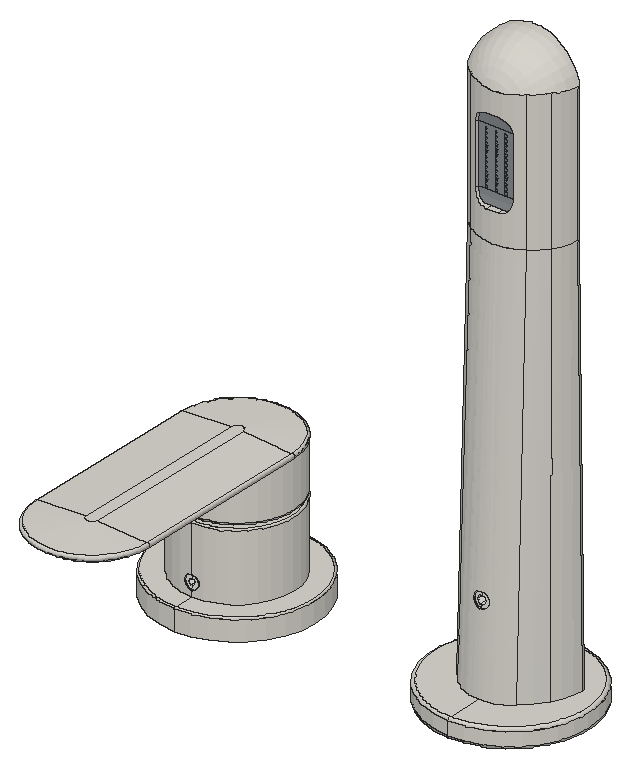
Revit family "Faucet-Wall_Mount-Lavatory-KALLISTA-002-P34124", category Plumbing Fixtures, host Face, Revit 2021
Family settings
  Host = Face
  Round Connector Dimension = Use Diameter
  Part Type = Normal
  OmniClass Number = 23.31.11.00
  OmniClass Title = Faucets
  Cut with Voids When Loaded = No
  Shared = No
  Room Calculation Point = No
Parameters (values of type "SN-Polished Nickel")
  Width [instance] = 4"
  WaterSense Certified = 1 = 0  # no
  Waste Water Outlet = "Waste Water Outlet"  # constant formula
  Waste Connection = 1 = 0  # no
  Vent Connection = 1 = 0  # no
  URL = "https://www.kallista.com/"
  Type = 5
  Spout Reach = 7.18504"  # constant formula
  Product Page URL = "https://www.kallista.com/products/luxury-bathroom/faucets/sink-faucets/002-wall-mount-single-control-faucet-lever-handle-p34124-00/sn-polished-nickel"
  Product Name = "002"  # constant formula
  Product Documentation Link = "https://resources.kohler.com/interiors/kallista/pdf/P34124-00_spec_US-CA_Kallista_en.pdf"
  Pressure = 0.00 psi
  Model = if(Type = 1, "P34124-00-BAF", if(Type = 2, "P34124-00-BL", if(Type = 3, "P34124-00-BN", if(Type = 4, "P34124-00-CP", if(Type = 5, "P34124-00-SN", if(Type = 6, "P34124-00-2MB", "NA"))))))  # "P34124-00-SN"
  Material = "Premium Metal Construction\r\n"  # constant formula
  Master Format 2014 Name = "Residential Faucets, Supplies, and Trim"  # constant formula
  Master Format 2014 = "22 41 39"  # constant formula
  Manufacturer Address = "444 Highland Dr, Kohler, WI 53044"  # constant formula
  Manufacturer = "Kallista Co."  # constant formula
  Length = Spout Reach  # 7.18504"
  Hot Water Inlet = "Hot Water Inlet"  # constant formula
  Height = 2.28346"  # constant formula
  Handle Clearance = 3.47244"  # constant formula
  HW Connection = 1 = 1  # yes
  Flow Rate = 1.2 GPM  # constant formula
  Finish = Kallista-Metal-SN-Polished_Nickel
  Environmental Product Declaration = ""
  Drain Included = 1 = 1  # yes
  Description = "Capsule Wall Mount Sink Faucet Single Control"  # constant formula
  Default Elevation = 36"
  Declare Label = ""
  Date Modified = "12/31/2024"  # constant formula
  Date Created = "11/29/2023"  # constant formula
  Copyright = "Copyright Kallista Co."  # constant formula
  Contact Us = "https://www.kallista.com/corporate/contact-us/"
  Cold Water Inlet = "Cold Water Inlet"  # constant formula
  CW Connection = 1 = 1  # yes
  Assembly Code = "D2010"
  ADA Compliant = 1 = 0  # no
Types (7): name | Type | Product Page URL | Model | Finish
  (no name) | 5 | "https://www.kallista.com/products/luxury-bathroom/faucets/sink-faucets/002-wall-mount-single-control-faucet-lever-handle-p34124-00/sn-polished-nickel" | "P34124-00-SN" | Kallista-Metal-SN-Polished_Nickel
  BAF-Brushed French Gold | 1 | "https://www.kallista.com/products/luxury-bathroom/faucets/sink-faucets/002-wall-mount-single-control-faucet-lever-handle-p34124-00/baf-brushed-french-gold" | "P34124-00-BAF" | Kallista-Metal-BAF-Brushed_French_Gold
  BN-Brushed Nickel | 3 | "https://www.kallista.com/products/luxury-bathroom/faucets/sink-faucets/002-wall-mount-single-control-faucet-lever-handle-p34124-00/bn-brushed-nickel" | "P34124-00-BN" | Kallista-Metal-BN-Brushed_Nickel
  BL-Matte Black | 2 | "https://www.kallista.com/products/luxury-bathroom/faucets/sink-faucets/002-wall-mount-single-control-faucet-lever-handle-p34124-00/bl-matte-black" | "P34124-00-BL" | Kalista-Metal-BL-Matte_Black
  SN-Polished Nickel | 5 | "https://www.kallista.com/products/luxury-bathroom/faucets/sink-faucets/002-wall-mount-single-control-faucet-lever-handle-p34124-00/sn-polished-nickel" | "P34124-00-SN" | Kallista-Metal-SN-Polished_Nickel
  CP-Chrome | 4 | "https://www.kallista.com/products/luxury-bathroom/faucets/sink-faucets/002-wall-mount-single-control-faucet-lever-handle-p34124-00/cp-chrome" | "P34124-00-CP" | Kallista-Metal-CP-Chrome
  2MB-Brushed Brass | 6 | "" | "P34124-00-2MB" | Kallista-Metal-2MB-Brushed_Brass
Reference planes (in)
  plane 1 "Center (Front/Back)": y = 0
  plane 2: z = 0
  plane 3 "Center (Left/Right)": x = 0
  plane 4: x = -4
  plane 5: x = -5.14173
  plane 6: x = -2.85827
  plane 7: y = 1.14173
  plane 8: y = -1.14173
  plane 9: y = -3.47244
  plane 10: y = -0.29528
  plane 11: y = 0.82677
  plane 12: y = -0.82677
  plane 13: z = 2.14173
  plane 14: z = 1.75591
  plane 15: z = 0.31496
  plane 16: z = 8.67064
  plane 17: z = 7.18504
  plane 18: z = 0.27559
  plane 19: x = -3.17323
  plane 20: x = -4.82677
  plane 21: x = -1.14173
  plane 22: x = 1.14173
Dimensions and locks (in)
  "Handle Clearance": plane 1 "Center (Front/Back)" to plane 9
  "Length": plane 17 to level
  "Height": plane 7 to plane 8
  plane 2 to plane 16 = 8.67064"
  plane 2 to plane 13 = 2.14173"
  plane 2 to plane 18 = 0.27559"
  plane 2 to plane 15 = 0.31496"
  plane 20 to plane 19 = 1.65354"
  plane 5 to plane 6 = 2.28346"
  locked: plane 5 to plane 4 at 1.14173
  locked: plane 4 to plane 6 at 1.14173
  locked: plane 20 to plane 4 at 0.82677
  locked: plane 4 to plane 19 at 0.82677
  plane 9 to plane 7 = 4.61417"
  plane 1 "Center (Front/Back)" to plane 10 = 0.29528"
  plane 13 to level = 2.14173"
  plane 14 to level = 1.75591"
  "Width": plane 4 to plane 3 "Center (Left/Right)"
  plane 7 to plane 8 = 2.28346"
  plane 5 to plane 22 = 6.28346"
  locked: plane 21 to plane 22 at 2.28346
  locked: plane 21 to plane 3 "Center (Left/Right)" at 1.14173
  aligned and locked: plane 2 to host face
  aligned and locked: level to host face
  aligned and locked: plane 1 "Center (Front/Back)" to nested 1
  aligned and locked: nested 2 to plane 4
  aligned and locked: plane 1 "Center (Front/Back)" to nested 2
  aligned and locked: plane 6 to nested 2
  aligned and locked: plane 5 to nested 2
  aligned and locked: plane 12 to nested 2
  aligned and locked: plane 9 to nested 2
  aligned and locked: plane 7 to nested 1
  aligned and locked: plane 8 to nested 1
  aligned and locked: plane 10 to nested 1
  aligned and locked: plane 13 to nested 2
  aligned and locked: plane 14 to nested 2
  aligned and locked: plane 15 to nested 2
  aligned and locked: plane 11 to nested 2
  aligned and locked: plane 19 to nested 2
  aligned and locked: plane 20 to nested 2
  aligned and locked: plane 3 "Center (Left/Right)" to nested 1
Automatic sketch dimensions
  host sketch curve to host sketch curve = 96"  (x2)
Nested families (in)
  nested 1: "P34124_Spout" at (0, 0, 0), type "P34124_Spout"
  nested 2: "P34124_Handle" at (-4, 0, 0), type "P34124_Handle"
Connectors (in)
  piping at (-4.62003, 0, 0), diameter 0.5, driven by "Flow Rate", driven by "HW Connection", driven by "Hot Water Inlet"
    settings: on nested 2, index 1, connector inside diameter 24", connector length 0", flow factor 0, pipe flow 1.2 GPM, pressure drop 0.00 psi, fitting loss kfactor 0, connector angle 0.00°, fixture units 0, engagement length 0", angle of deflection 0.00°, flow configuration 1, flow direction 1, fitting loss method 0, system type 19, joint type 0, gender type 0, connector reference index -1, connector utility 1, adjustable connector no, is connector primary yes, connector description "Hot Water Inlet"
  piping at (-3.37997, 0, 0), diameter 0.5, driven by "Flow Rate", driven by "CW Connection", driven by "Cold Water Inlet"
    settings: on nested 2, index 2, connector inside diameter 24", connector length 0", flow factor 0, pipe flow 1.2 GPM, pressure drop 0.00 psi, fitting loss kfactor 0, connector angle 0.00°, fixture units 0, engagement length 0", angle of deflection 0.00°, flow configuration 1, flow direction 1, fitting loss method 0, system type 20, joint type 0, gender type 0, connector reference index -1, connector utility 1, adjustable connector no, is connector primary no, connector description "Cold Water Inlet"
Definition of nested family "P34124_Spout"
  Parameters
    Material = none
    Default Elevation = 0"
  Reference planes (in)
    plane 1 "Center (Front/Back)": y = 0
    plane 2: z = 0
    plane 3 "Center (Left/Right)": x = 0
    plane 4: x = -1.14173
    plane 5: x = 1.14173
    plane 6: y = 1.14173
    plane 7: y = -1.14173
    plane 8: z = 8.67064
    plane 9: z = 0.27559
    plane 10: z = 7.18504
    plane 11: y = -0.29528
  Forms (in)
    Blend 1, solid, material <- "Material", detail levels medium+fine
      base sketch origin (0, 0, 0) x (1, 0, 0) y (0, 1, 0)
        loop
          arc (-0.77791, 0.35377) -> (-0.79952, 0.33955) -> (-0.80746, 0.31492) r 0.03896
          arc (-0.80746, 0.31492) -> (-0.77246, 0.08464) -> (-0.68191, -0.12997) r 0.93998
          arc (-0.68191, -0.12997) -> (-0.57, -0.29195) -> (-0.43339, -0.43373) r 1.21506
          arc (-0.43339, -0.43373) -> (0, -0.59757) -> (0.43339, -0.43373) r 0.65512
          arc (0.43339, -0.43373) -> (0.57, -0.29195) -> (0.68191, -0.12997) r 1.21506
          arc (0.68191, -0.12997) -> (0.77235, 0.08423) -> (0.80744, 0.31407) r 0.93998
          arc (0.80744, 0.31407) -> (0.79952, 0.33871) -> (0.77792, 0.35295) r 0.03898
          arc (0.77792, 0.35295) -> (0.00005, 0.44878) -> (-0.77791, 0.35377) r 3.21885
      top sketch origin (0, 0, 0) x (1, 0, 0) y (0, 1, 0)
        loop
          arc (-0.61166, -0.01064) -> (-0.52145, -0.12588) -> (-0.40985, -0.22055) r 0.72211
          arc (-0.40985, -0.22055) -> (0, -0.3478) -> (0.40985, -0.22055) r 0.72369
          arc (0.40985, -0.22055) -> (0.52145, -0.12588) -> (0.61166, -0.01064) r 0.72211
          arc (0.61166, -0.01064) -> (0.68757, 0.15439) -> (0.71792, 0.3335) r 0.69203
          arc (0.71792, 0.3335) -> (0.7096, 0.359) -> (0.68677, 0.37309) r 0.03897
          arc (0.68677, 0.37309) -> (0, 0.44256) -> (-0.68677, 0.37309) r 3.43057
          arc (-0.68677, 0.37309) -> (-0.7096, 0.359) -> (-0.71792, 0.3335) r 0.03897
          arc (-0.71792, 0.3335) -> (-0.68757, 0.15439) -> (-0.61166, -0.01064) r 0.69203
      from 0 to 6.13419
    Sweep 2, solid, material <- "Material", detail levels medium+fine
      path origin (0, 0, 0) x (0, 1, 0) y (0, 0, 1)
        loop
          line (0.44256, 6.13419) -> (0.44256, 8.8901)
      profile origin (0, 0.44256, 7.51214) x (0, -1, 0) y (1, 0, 0)
        loop
          arc (0.45321, 0.61166) -> (0.28817, 0.68757) -> (0.10907, 0.71792) r 0.69203
          arc (0.10907, 0.71792) -> (0.08356, 0.7096) -> (0.06947, 0.68677) r 0.03897
          arc (0.06947, 0.68677) -> (0, 0) -> (0.06947, -0.68677) r 3.43057
          arc (0.06947, -0.68677) -> (0.08356, -0.7096) -> (0.10907, -0.71792) r 0.03897
          arc (0.10907, -0.71792) -> (0.28817, -0.68757) -> (0.45321, -0.61166) r 0.69203
          arc (0.45321, -0.61166) -> (0.56844, -0.52145) -> (0.66312, -0.40985) r 0.72211
          arc (0.66312, -0.40985) -> (0.79036, 0) -> (0.66312, 0.40985) r 0.72369
          arc (0.66312, 0.40985) -> (0.56844, 0.52145) -> (0.45321, 0.61166) r 0.72211
    Sweep 3, void
      path origin (0, 0, -0.02461) x (1, 0, 0) y (0, 0, 1)
        loop
          arc (0.7468, 7.95283) -> (-0.00124, 8.70086) -> (-0.74927, 7.95283) r 0.74803
      profile origin (-0.00124, 0, 8.67625) x (0, 0, -1) y (0, -1, 0)
        loop
          arc (0.01906, -0.49341) -> (0.14964, 0.09951) -> (0.69597, 0.36432) r 0.69597
          line (0.69597, 0.36432) -> (0.69597, 0.65945) -> (-0.56739, 0.65945) -> (-0.56739, -0.49341) -> (0.01906, -0.49341)
    Revolve 4, solid, material <- "Material", detail levels medium+fine
      sketch origin (0, 0, 0) x (0, 1, 0) y (0, 0, 1)
        loop
          line (0, 0) -> (1.10444, 0)
          arc (1.10444, 0) -> (1.13081, 0.01092) -> (1.14173, 0.03729) r 0.03729
          line (1.14173, 0.03729) -> (1.14173, 0.23463)
          arc (1.14173, 0.23463) -> (1.12974, 0.26359) -> (1.10077, 0.27559) r 0.04096
          line (1.10077, 0.27559) -> (0, 0.27559) -> (0, 0)
        axis (0, 0) -> (0, 0.27559)
      angle from 0 to 360
    Revolve 5, void
      sketch origin (0, 0, 0) x (0, 1, 0) y (0, 0, 1)
        loop
          line (-0.25396, 1.54626) -> (-0.25396, 1.66154) -> (-0.62222, 1.66154) -> (-0.62222, 1.54626) -> (-0.25396, 1.54626)
        axis (-0.25396, 1.54626) -> (-0.62222, 1.54626)
      angle from 0 to 360
    Revolve 6, solid, detail levels medium+fine
      sketch origin (0, 0, 0) x (0, 1, 0) y (0, 0, 1)
        loop
          line (-0.26709, 1.65545) -> (-0.52116, 1.65545) -> (-0.52116, 1.54849) -> (-0.26709, 1.54849) -> (-0.26709, 1.65545)
        axis (-0.26709, 1.54849) -> (-0.52116, 1.54849)
      angle from 0 to 360
    Extrusion 7, void
      sketch origin (0, -0.08176, -0.02695) x (1, 0, 0) y (0, 0.052336, 0.99863)
        loop
          line (-0.03439, 1.60625) -> (-0.06825, 1.5476) -> (-0.03439, 1.48896) -> (0.03332, 1.48896) -> (0.06718, 1.5476) -> (0.03332, 1.60625) -> (-0.03439, 1.60625)
      from 0.30046 to 0.6929
    Extrusion 8, void
      sketch origin (0, 0, 0) x (1, 0, 0) y (0, 0, 1)
        loop
          line (-0.28038, 7.6149) -> (-0.28038, 6.75476)
          arc (-0.28038, 6.75476) -> (-0.22281, 6.6158) -> (-0.08385, 6.55823) r 0.19653
          line (-0.08385, 6.55823) -> (0.08127, 6.55823)
          arc (0.08127, 6.55823) -> (0.21911, 6.61533) -> (0.27621, 6.75317) r 0.19494
          line (0.27621, 6.75317) -> (0.27621, 7.62026)
          arc (0.27621, 7.62026) -> (0.21957, 7.757) -> (0.08283, 7.81365) r 0.19338
          line (0.08283, 7.81365) -> (-0.08163, 7.81365)
          arc (-0.08163, 7.81365) -> (-0.22217, 7.75544) -> (-0.28038, 7.6149) r 0.19874
      from 0 to 0.70867
    Extrusion 9, solid, detail levels medium+fine
      sketch origin (0, 0, 0) x (1, 0, 0) y (0, 0, 1)
        loop
          arc (-0.11579, 7.78984) -> (-0.22335, 7.74528) -> (-0.2679, 7.63772) r 0.15211
          line (-0.2679, 7.63772) -> (-0.2679, 6.73599)
          arc (-0.2679, 6.73599) -> (-0.22295, 6.62746) -> (-0.11442, 6.5825) r 0.15348
          line (-0.11442, 6.5825) -> (0.11442, 6.5825)
          arc (0.11442, 6.5825) -> (0.22295, 6.62746) -> (0.2679, 6.73599) r 0.15348
          line (0.2679, 6.73599) -> (0.2679, 7.63772)
          arc (0.2679, 7.63772) -> (0.22335, 7.74528) -> (0.11579, 7.78984) r 0.15211
          line (0.11579, 7.78984) -> (-0.11579, 7.78984)
      from 0 to 0.52116
    Extrusion 10, void
      sketch origin (0, 0, 0) x (0, 1, 0) y (0, 0, 1)
        loop
          line (-0.25014, 6.75744) -> (-0.25014, 7.6149)
          arc (-0.25014, 7.6149) -> (-0.34945, 7.90421) -> (-0.60549, 8.07155) r 0.47109
          line (-0.60549, 8.07155) -> (-0.60549, 6.30079)
          arc (-0.60549, 6.30079) -> (-0.34945, 6.46813) -> (-0.25014, 6.75744) r 0.47109
      from -1.04991 to 1.33856
    Extrusion 11, void
      sketch origin (0.0123, 5.27483, 12.5197) x (1, 0, 0) y (0, 0, 1)
        loop
          line (-0.18118, -4.95414) -> (-0.18118, -5.00169) -> (-0.14232, -5.00169) -> (-0.14232, -4.95414) -> (-0.18118, -4.95414)
        loop
          line (-0.18118, -5.01713) -> (-0.18118, -5.06468) -> (-0.14232, -5.06468) -> (-0.14232, -5.01713) -> (-0.18118, -5.01713)
        loop
          line (-0.18118, -5.08051) -> (-0.18118, -5.12807) -> (-0.14232, -5.12807) -> (-0.14232, -5.08051) -> (-0.18118, -5.08051)
        loop
          line (-0.18118, -5.1439) -> (-0.18118, -5.19146) -> (-0.14232, -5.19146) -> (-0.14232, -5.1439) -> (-0.18118, -5.1439)
        loop
          line (-0.18118, -5.20729) -> (-0.18118, -5.25484) -> (-0.14232, -5.25484) -> (-0.14232, -5.20729) -> (-0.18118, -5.20729)
        loop
          line (-0.18118, -5.27067) -> (-0.18118, -5.31823) -> (-0.14232, -5.31823) -> (-0.14232, -5.27067) -> (-0.18118, -5.27067)
        loop
          line (-0.18118, -5.33406) -> (-0.18118, -5.38161) -> (-0.14232, -5.38161) -> (-0.14232, -5.33406) -> (-0.18118, -5.33406)
        loop
          line (-0.18118, -5.39744) -> (-0.18118, -5.445) -> (-0.14232, -5.445) -> (-0.14232, -5.39744) -> (-0.18118, -5.39744)
        loop
          line (-0.18118, -5.46083) -> (-0.18118, -5.50839) -> (-0.14232, -5.50839) -> (-0.14232, -5.46083) -> (-0.18118, -5.46083)
        loop
          line (-0.18118, -5.52421) -> (-0.18118, -5.57177) -> (-0.14232, -5.57177) -> (-0.14232, -5.52421) -> (-0.18118, -5.52421)
        loop
          line (-0.18118, -5.5876) -> (-0.18118, -5.63516) -> (-0.14232, -5.63516) -> (-0.14232, -5.5876) -> (-0.18118, -5.5876)
        loop
          line (-0.18118, -5.65099) -> (-0.18118, -5.69854) -> (-0.14232, -5.69854) -> (-0.14232, -5.65099) -> (-0.18118, -5.65099)
        loop
          line (-0.18118, -5.71437) -> (-0.18118, -5.76193) -> (-0.14232, -5.76193) -> (-0.14232, -5.71437) -> (-0.18118, -5.71437)
        loop
          line (0.00443, -4.95414) -> (-0.03443, -4.95414) -> (-0.03443, -5.00169) -> (0.00443, -5.00169) -> (0.00443, -4.95414)
        loop
          line (0.00443, -5.01713) -> (-0.03443, -5.01713) -> (-0.03443, -5.06468) -> (0.00443, -5.06468) -> (0.00443, -5.01713)
        loop
          line (0.00443, -5.08051) -> (-0.03443, -5.08051) -> (-0.03443, -5.12807) -> (0.00443, -5.12807) -> (0.00443, -5.08051)
        loop
          line (0.00443, -5.1439) -> (-0.03443, -5.1439) -> (-0.03443, -5.19146) -> (0.00443, -5.19146) -> (0.00443, -5.1439)
        loop
          line (0.00443, -5.20729) -> (-0.03443, -5.20729) -> (-0.03443, -5.25484) -> (0.00443, -5.25484) -> (0.00443, -5.20729)
        loop
          line (0.00443, -5.27067) -> (-0.03443, -5.27067) -> (-0.03443, -5.31823) -> (0.00443, -5.31823) -> (0.00443, -5.27067)
        loop
          line (0.00443, -5.33406) -> (-0.03443, -5.33406) -> (-0.03443, -5.38161) -> (0.00443, -5.38161) -> (0.00443, -5.33406)
        loop
          line (0.00443, -5.39744) -> (-0.03443, -5.39744) -> (-0.03443, -5.445) -> (0.00443, -5.445) -> (0.00443, -5.39744)
        loop
          line (0.00443, -5.46083) -> (-0.03443, -5.46083) -> (-0.03443, -5.50839) -> (0.00443, -5.50839) -> (0.00443, -5.46083)
        loop
          line (0.00443, -5.52421) -> (-0.03443, -5.52421) -> (-0.03443, -5.57177) -> (0.00443, -5.57177) -> (0.00443, -5.52421)
        loop
          line (0.00443, -5.5876) -> (-0.03443, -5.5876) -> (-0.03443, -5.63516) -> (0.00443, -5.63516) -> (0.00443, -5.5876)
        loop
          line (0.00443, -5.65099) -> (-0.03443, -5.65099) -> (-0.03443, -5.69854) -> (0.00443, -5.69854) -> (0.00443, -5.65099)
        loop
          line (0.00443, -5.71437) -> (-0.03443, -5.71437) -> (-0.03443, -5.76193) -> (0.00443, -5.76193) -> (0.00443, -5.71437)
        loop
          line (0.10062, -4.95414) -> (0.10062, -5.00169) -> (0.13947, -5.00169) -> (0.13947, -4.95414) -> (0.10062, -4.95414)
        loop
          line (0.10062, -5.01713) -> (0.10062, -5.06468) -> (0.13947, -5.06468) -> (0.13947, -5.01713) -> (0.10062, -5.01713)
        loop
          line (0.10062, -5.08051) -> (0.10062, -5.12807) -> (0.13947, -5.12807) -> (0.13947, -5.08051) -> (0.10062, -5.08051)
        loop
          line (0.10062, -5.1439) -> (0.10062, -5.19146) -> (0.13947, -5.19146) -> (0.13947, -5.1439) -> (0.10062, -5.1439)
        loop
          line (0.10062, -5.20729) -> (0.10062, -5.25484) -> (0.13947, -5.25484) -> (0.13947, -5.20729) -> (0.10062, -5.20729)
        loop
          line (0.10062, -5.27067) -> (0.10062, -5.31823) -> (0.13947, -5.31823) -> (0.13947, -5.27067) -> (0.10062, -5.27067)
        loop
          line (0.10062, -5.33406) -> (0.10062, -5.38161) -> (0.13947, -5.38161) -> (0.13947, -5.33406) -> (0.10062, -5.33406)
        loop
          line (0.10062, -5.39744) -> (0.10062, -5.445) -> (0.13947, -5.445) -> (0.13947, -5.39744) -> (0.10062, -5.39744)
        loop
          line (0.10062, -5.46083) -> (0.10062, -5.50839) -> (0.13947, -5.50839) -> (0.13947, -5.46083) -> (0.10062, -5.46083)
        loop
          line (0.10062, -5.52421) -> (0.10062, -5.57177) -> (0.13947, -5.57177) -> (0.13947, -5.52421) -> (0.10062, -5.52421)
        loop
          line (0.10062, -5.5876) -> (0.10062, -5.63516) -> (0.13947, -5.63516) -> (0.13947, -5.5876) -> (0.10062, -5.5876)
        loop
          line (0.10062, -5.65099) -> (0.10062, -5.69854) -> (0.13947, -5.69854) -> (0.13947, -5.65099) -> (0.10062, -5.65099)
        loop
          line (0.10062, -5.71437) -> (0.10062, -5.76193) -> (0.13947, -5.76193) -> (0.13947, -5.71437) -> (0.10062, -5.71437)
      from 5.16363 to 7.18576
    Extrusion 12, solid, material <- "Material", detail levels coarse
      sketch origin (0, 0.04968, 0) x (1, 0, 0) y (0, 0, 1)
        loop
          line (0.80342, 0.27559) -> (0.72035, 7.97029)
          arc (0.72035, 7.97029) -> (0.00001, 8.68289) -> (-0.72032, 7.97029) r 0.72038
          line (-0.72032, 7.97029) -> (-0.80344, 0.27559) -> (0.80342, 0.27559)
      from -0.39459 to 0.63603
    Revolve 13, solid, material <- "Material", detail levels coarse
      sketch origin (0, 0, 0) x (0, 1, 0) y (0, 0, 1)
        loop
          line (0, 0) -> (1.14173, 0) -> (1.14173, 0.27559) -> (0, 0.27559) -> (0, 0)
        axis (0, 0) -> (0, 0.27559)
      angle from 0 to 360
  Cuts and joins
    Sweep 3, Extrusion 8 cuts Sweep 2
    Revolve 5, Extrusion 7 cuts Blend 1
    joined: Blend 1, Revolve 4
    Extrusion 7 cuts Revolve 6
    Extrusion 10, Extrusion 11 cuts Extrusion 9
    joined: Extrusion 12, Revolve 13
  Lines and regions (in)
    Masking region 1
      outline origin (0, 0, 0) x (1, 0, 0) y (0, 1, 0)
        loop
          arc (-0.43305, 1.05642) -> (-0.82584, 0.78838) -> (-1.07537, 0.38357) r 1.14173
          arc (-1.07537, 0.38357) -> (-1.12497, 0.22497) -> (-1.14173, 0.05965) r 0.82377
          line (-1.14173, 0.05965) -> (-1.14173, 0.02815)
          arc (-1.14173, 0.02815) -> (-1.11088, -0.24936) -> (-1.01983, -0.51331) r 1.26353
          arc (-1.01983, -0.51331) -> (0.14254, -1.1328) -> (1.11521, -0.24467) r 1.14173
          arc (1.11521, -0.24467) -> (1.13705, -0.10494) -> (1.14173, 0.0364) r 1.16104
          line (1.14173, 0.0364) -> (1.14173, 0.0679)
          arc (1.14173, 0.0679) -> (1.13614, 0.14688) -> (1.11948, 0.22429) r 0.5608
          arc (1.11948, 0.22429) -> (0.88747, 0.71829) -> (0.45266, 1.04816) r 1.14173
          arc (0.45266, 1.04816) -> (0.24156, 1.11807) -> (0.02044, 1.14173) r 1.04509
          line (0.02044, 1.14173) -> (-0.01106, 1.14173)
          arc (-0.01106, 1.14173) -> (-0.22632, 1.12019) -> (-0.43305, 1.05642) r 1.08631
    Masking region 2
      outline origin (0, 0, 0) x (1, 0, 0) y (0, 0, 1)
        loop
          arc (1.10874, 0) -> (1.13207, 0.00966) -> (1.14173, 0.03299) r 0.03299
          line (1.14173, 0.03299) -> (1.14173, 0.2326)
          arc (1.14173, 0.2326) -> (1.12914, 0.263) -> (1.09874, 0.27559) r 0.04299
          line (1.09874, 0.27559) -> (0.77187, 0.27559)
          arc (0.77187, 0.27559) -> (0.7965, 0.28573) -> (0.80683, 0.31) r 0.03497
          arc (0.80683, 0.31) -> (0.80595, 0.49685) -> (0.80027, 0.68362) r 7.28056
          arc (0.80027, 0.68362) -> (0.74708, 2.34522) -> (0.73122, 4.0076) r 74.01378
          arc (0.73122, 4.0076) -> (0.72921, 5.98419) -> (0.71649, 7.96074) r 364.85863
          arc (0.71649, 7.96074) -> (0.57699, 8.37902) -> (0.21899, 8.63642) r 0.71652
          arc (0.21899, 8.63642) -> (0.12087, 8.66202) -> (0.01983, 8.67064) r 0.59681
          line (0.01983, 8.67064) -> (-0.01167, 8.67064)
          arc (-0.01167, 8.67064) -> (-0.09662, 8.66488) -> (-0.18002, 8.64773) r 0.63005
          arc (-0.18002, 8.64773) -> (-0.56473, 8.39519) -> (-0.71649, 7.96074) r 0.71652
          arc (-0.71649, 7.96074) -> (-0.72921, 5.98419) -> (-0.73122, 4.0076) r 364.85863
          arc (-0.73122, 4.0076) -> (-0.74708, 2.34522) -> (-0.80027, 0.68362) r 74.01378
          arc (-0.80027, 0.68362) -> (-0.80595, 0.49685) -> (-0.80684, 0.31028) r 7.28056
          arc (-0.80684, 0.31028) -> (-0.7965, 0.28573) -> (-0.77187, 0.27559) r 0.03497
          line (-0.77187, 0.27559) -> (-1.09874, 0.27559)
          arc (-1.09874, 0.27559) -> (-1.12914, 0.263) -> (-1.14173, 0.2326) r 0.04299
          line (-1.14173, 0.2326) -> (-1.14173, 0.03299)
          arc (-1.14173, 0.03299) -> (-1.13207, 0.00966) -> (-1.10874, 0) r 0.03299
          line (-1.10874, 0) -> (1.10874, 0)
    Masking region 3
      outline origin (0, 0, 0) x (0, 1, 0) y (0, 0, 1)
        loop
          line (-0.35072, 7.96344) -> (-0.35072, 7.85733)
          arc (-0.35072, 7.85733) -> (-0.33657, 7.82002) -> (-0.31831, 7.78454) r 0.35462
          line (-0.31831, 7.78454) -> (-0.31831, 7.70311)
          arc (-0.31831, 7.70311) -> (-0.30107, 7.63343) -> (-0.29528, 7.56189) r 0.44433
          line (-0.29528, 7.56189) -> (-0.29528, 6.80328)
          arc (-0.29528, 6.80328) -> (-0.30107, 6.73174) -> (-0.31831, 6.66206) r 0.44433
          line (-0.31831, 6.66206) -> (-0.31831, 6.58063)
          arc (-0.31831, 6.58063) -> (-0.33657, 6.54515) -> (-0.35072, 6.50784) r 0.35462
          line (-0.35072, 6.50784) -> (-0.35072, 6.40173)
          arc (-0.35072, 6.40173) -> (-0.35204, 5.98956) -> (-0.35598, 5.57742) r 64.63598
          arc (-0.35598, 5.57742) -> (-0.35932, 5.34193) -> (-0.36334, 5.10646) r 82.20036
          arc (-0.36334, 5.10646) -> (-0.36753, 4.94167) -> (-0.374, 4.77696) r 11.87676
          arc (-0.374, 4.77696) -> (-0.38941, 4.42335) -> (-0.4029, 4.06965) r 65.43397
          arc (-0.4029, 4.06965) -> (-0.42004, 3.67424) -> (-0.44342, 3.27915) r 25.0582
          arc (-0.44342, 3.27915) -> (-0.45424, 3.09479) -> (-0.46194, 2.91027) r 10.95361
          arc (-0.46194, 2.91027) -> (-0.4676, 2.77571) -> (-0.47563, 2.64128) r 7.66624
          arc (-0.47563, 2.64128) -> (-0.49076, 2.39933) -> (-0.50301, 2.15722) r 20.31281
          arc (-0.50301, 2.15722) -> (-0.51546, 1.91687) -> (-0.53138, 1.67672) r 16.67974
          arc (-0.53138, 1.67672) -> (-0.52267, 1.54568) -> (-0.5462, 1.41647) r 0.53419
          line (-0.5462, 1.41647) -> (-0.60123, 0.31496)
          arc (-0.60123, 0.31496) -> (-0.59784, 0.29368) -> (-0.58614, 0.27559) r 0.05216
          line (-0.58614, 0.27559) -> (-1.103, 0.27559)
          arc (-1.103, 0.27559) -> (-1.13039, 0.26425) -> (-1.14173, 0.23686) r 0.03873
          line (-1.14173, 0.23686) -> (-1.14173, 0.03913)
          arc (-1.14173, 0.03913) -> (-1.13027, 0.01146) -> (-1.10261, 0) r 0.03913
          line (-1.10261, 0) -> (1.10261, 0)
          arc (1.10261, 0) -> (1.13027, 0.01146) -> (1.14173, 0.03913) r 0.03913
          line (1.14173, 0.03913) -> (1.14173, 0.23686)
          arc (1.14173, 0.23686) -> (1.13039, 0.26425) -> (1.103, 0.27559) r 0.03873
          line (1.103, 0.27559) -> (0.42454, 0.27559)
          arc (0.42454, 0.27559) -> (0.43771, 0.28924) -> (0.44251, 0.30759) r 0.03748
          line (0.44251, 0.30759) -> (0.44251, 7.95057)
          arc (0.44251, 7.95057) -> (0.42554, 8.29524) -> (0.37479, 8.63659) r 3.50904
          arc (0.37479, 8.63659) -> (0.36013, 8.66104) -> (0.33329, 8.67064) r 0.04232
          line (0.33329, 8.67064) -> (0.29786, 8.67064)
          arc (0.29786, 8.67064) -> (0.22541, 8.65862) -> (0.15429, 8.64026) r 0.83278
          arc (0.15429, 8.64026) -> (-0.20771, 8.38443) -> (-0.34653, 7.96344) r 0.70774
    symbolic lines, detail levels medium+fine
      curve 1: line (-0.77143, 0, 0.27559) -> (0.77143, 0, 0.27559)
      curve 2: arc (0.77143, 0, 0.27559) -> (0.77119, 0, 0.47968) -> (0.76523, 0, 0.68368) r 7.28056
      curve 3: arc (0.76523, 0, 0.68368) -> (0.71204, 0, 2.34528) -> (0.69618, 0, 4.00766) r 74.01378
      curve 4: arc (0.69618, 0, 4.00766) -> (0.69416, 0, 5.98582) -> (0.68142, 0, 7.96394) r 364.82359
      curve 5: line (0.80684, 0, 0.31028) -> (-0.80684, 0, 0.31028)
      curve 6: arc (-0.77143, 0, 0.27559) -> (-0.77119, 0, 0.47968) -> (-0.76523, 0, 0.68368) r 7.28056
      curve 7: arc (-0.76523, 0, 0.68368) -> (-0.71204, 0, 2.34528) -> (-0.69618, 0, 4.00766) r 74.01378
      curve 8: arc (-0.69618, 0, 4.00766) -> (-0.69416, 0, 5.98582) -> (-0.68142, 0, 7.96394) r 364.82359
      curve 9: line (1.14173, 0, 0.2326) -> (-1.14173, 0, 0.2326)
      curve 10: line (-1.14173, 0, 0.03299) -> (1.14173, 0, 0.03299)
      curve 11: arc (0.68142, 0, 7.96394) -> (0, 0, 8.63915) -> (-0.68142, 0, 7.96394) r 0.68145
      curve 12: line (0.71649, 0, 7.96074) -> (-0.71649, 0, 7.96074)
      curve 13: line (0, 0.29786, 8.67064) -> (0, 0.29786, 0.27559)
      curve 14: line (0, 0.42454, 0.27559) -> (0, -0.58614, 0.27559)
      curve 15: line (0, 0.44251, 0.30759) -> (0, -0.6016, 0.30759)
      curve 16: line (0, 1.14173, 0.23686) -> (0, -1.14173, 0.23686)
      curve 17: line (0, -1.14173, 0.03913) -> (0, 1.14173, 0.03913)
      curve 18: line (0, 0.37479, 8.63659) -> (0, 0.37479, 0.27559)
      curve 19: line (0, -0.35072, 7.85733) -> (0, 0.44251, 7.85733)
      curve 20: line (0, -0.2842, 7.62267) -> (0, -0.2842, 6.74269)
      curve 21: arc (0, -0.31831, 7.78454) -> (0, -0.29282, 7.70538) -> (0, -0.2842, 7.62267) r 0.40108
      curve 22: arc (0, -0.2842, 6.74269) -> (0, -0.29282, 6.65988) -> (0, -0.31831, 6.58063) r 0.40195
      curve 23: circle (0, 0, 0) r 1.10127 normal (0, 0, 1)
      curve 24: arc (-0.77791, 0.35377, 0) -> (-0.74382, 0.36204, 0) -> (-0.70964, 0.36995, 0) r 3.21885
      curve 25: arc (-0.68191, -0.12997, 0) -> (-0.57, -0.29195, 0) -> (-0.43339, -0.43373, 0) r 1.21506
      curve 26: arc (-0.68191, -0.12997, 0) -> (-0.77246, 0.08464, 0) -> (-0.80746, 0.31492, 0) r 0.93998
      curve 27: arc (-0.80746, 0.31492, 0) -> (-0.79952, 0.33955, 0) -> (-0.77791, 0.35377, 0) r 0.03896
      curve 28: arc (0.68191, -0.12997, 0) -> (0.57, -0.29195, 0) -> (0.43339, -0.43373, 0) r 1.21506
      curve 29: arc (-0.43339, -0.43373, 0) -> (0, -0.59757, 0) -> (0.43339, -0.43373, 0) r 0.65512
      curve 30: arc (0.68191, -0.12997, 0) -> (0.77235, 0.08423, 0) -> (0.80744, 0.31407, 0) r 0.93998
      curve 31: arc (0.80744, 0.31407, 0) -> (0.79952, 0.33871, 0) -> (0.77792, 0.35295, 0) r 0.03898
      curve 32: line (0.68742, 0.37389, 0) -> (-0.69189, 0.37389, 0)
      curve 33: arc (-0.61141, -0.01092, 0) -> (-0.13207, -0.33789, 0) -> (0.43252, -0.20405, 0) r 0.71844
      curve 34: arc (-0.71618, 0.34937, 0) -> (-0.68859, 0.16202, 0) -> (-0.61141, -0.01092, 0) r 0.69459
      curve 35: arc (-0.69189, 0.37389, 0) -> (-0.70915, 0.36669, 0) -> (-0.71618, 0.34937, 0) r 0.02429
      curve 36: arc (-0.70964, 0.36995, 0) -> (-0.69562, 0.37307, 0) -> (-0.6816, 0.37614, 0) r 3.21885
      curve 37: arc (-0.6816, 0.37614, 0) -> (-0.01466, 0.44875, 0) -> (0.65284, 0.38154, 0) r 3.21885
      curve 38: arc (0.71612, 0.34472, 0) -> (0.63868, 0.03707, 0) -> (0.43252, -0.20405, 0) r 0.69459
      curve 39: arc (0.65284, 0.38154, 0) -> (0.68737, 0.37417, 0) -> (0.72182, 0.36642, 0) r 3.21885
      curve 40: arc (0.72182, 0.36642, 0) -> (0.7499, 0.35982, 0) -> (0.77792, 0.35295, 0) r 3.21885
      curve 41: line (-0.71618, 0.34937, 0) -> (0.71612, 0.3446, 0)
      curve 42: line (-0.71618, 0.34937, 0) -> (-0.80746, 0.31492, 0)
      curve 43: line (0.71612, 0.3446, 0) -> (0.80744, 0.31407, 0)
      curve 44: spline (0.13441, -0.5377, 0) -> (0.12983, -0.53502, 0) -> (0.11641, -0.53254, 0) -> (0.09504, -0.5304, 0) -> (0.06721, -0.52876, 0) -> (0.03479, -0.52773, 0) -> (0, -0.52738, 0) -> (-0.03479, -0.52773, 0) -> (-0.06721, -0.52876, 0) -> (-0.09504, -0.5304, 0) -> (-0.11641, -0.53254, 0) -> (-0.12983, -0.53502, 0) -> (-0.13441, -0.5377, 0) -> (-0.12983, -0.54037, 0) -> (-0.11641, -0.54285, 0) -> (-0.09504, -0.54499, 0) -> (-0.06721, -0.54663, 0) -> (-0.03479, -0.54766, 0) -> (0, -0.54801, 0) -> (0.03479, -0.54766, 0) -> (0.06721, -0.54663, 0) -> (0.09504, -0.54499, 0) -> (0.11641, -0.54285, 0) -> (0.12983, -0.54037, 0) -> (0.13441, -0.5377, 0)
      curve 45: arc (0.71612, 0.34472, 0) -> (0.70788, 0.36532, 0) -> (0.68742, 0.37389, 0) r 0.02871
  Dimensions and locks (in)
    plane 7 to plane 6 = 2.28346"
    plane 4 to plane 5 = 2.28346"
    plane 8 to level = 8.67064"
    plane 9 to level = 0.27559"
    aligned and locked: plane 2 to level
    aligned and locked: Masking region 2 sketch curve to plane 8
    aligned and locked: plane 5 to Masking region 2 sketch curve
    aligned and locked: Masking region 3 sketch curve to plane 8
    aligned and locked: plane 11 to Masking region 3 sketch curve
    aligned and locked: plane 4 to Masking region 1 sketch curve
    aligned and locked: plane 5 to Masking region 1 sketch curve
Definition of nested family "P34124_Handle"
  Parameters
    Material = none
    Default Elevation = 0"
  Reference planes (in)
    plane 1 "Center (Front/Back)": y = 0
    plane 2: z = 0
    plane 3 "Center (Left/Right)": x = 0
    plane 4: x = -1.14173
    plane 5: x = 1.14173
    plane 6: y = 1.14173
    plane 7: y = -1.14173
    plane 8: z = 0.31496
    plane 9: z = 2.14173
    plane 10: x = 0.82677
    plane 11: x = -0.82677
    plane 12: z = 1.75591
    plane 13: y = -3.47244
    plane 14: y = 0.82677
    plane 15: y = -0.82677
    plane 16: x = -0.62003
    plane 17: x = 0.62003
  Forms (in)
    Revolve 1, solid, material <- "Material", detail levels medium+fine
      sketch origin (0, 0, 0) x (0, 1, 0) y (0, 0, 1)
        loop
          line (1.14173, 0) -> (1.14173, 0.2934)
          arc (1.14173, 0.2934) -> (1.13542, 0.30865) -> (1.12017, 0.31496) r 0.02156
          line (1.12017, 0.31496) -> (0.82682, 0.31496) -> (0.82682, 1.27924)
          arc (0.82682, 1.27924) -> (0.82097, 1.29336) -> (0.80685, 1.29921) r 0.01997
          line (0.80685, 1.29921) -> (0, 1.29921) -> (0, 0) -> (1.14173, 0)
        loop
          line (0.82682, 1.37712) -> (0.82682, 2.07811) -> (0, 2.07811) -> (0, 1.35707) -> (0.80677, 1.35707)
          arc (0.80677, 1.35707) -> (0.82095, 1.36295) -> (0.82682, 1.37712) r 0.02005
        axis (0, 0) -> (0, 2.07811)
      angle from 0 to 360
    Revolve 2, solid, material <- "Material", detail levels medium+fine
      sketch origin (0, 0, 0) x (0, 1, 0) y (0, 0, 1)
        loop
          line (0, 1.3968) -> (0, 1.26288) -> (0.70679, 1.26288)
          arc (0.70679, 1.26288) -> (0.69704, 1.32981) -> (0.68772, 1.3968) r 10.51633
          line (0.68772, 1.3968) -> (0, 1.3968)
        axis (0, 1.26288) -> (0, 1.3968)
      angle from 0 to 360
    Sweep 3, solid, material <- "Material", detail levels medium+fine
      path origin (0, 0, 0) x (1, 0, 0) y (0, 1, 0)
        loop
          arc (0.82677, 0.00964) -> (0, 0.83641) -> (-0.82677, 0.00964) r 0.82677
          line (-0.82677, 0.00964) -> (-0.82677, -2.64424)
          arc (-0.82677, -2.64424) -> (0, -3.47101) -> (0.82677, -2.64424) r 0.82677
          line (0.82677, -2.64424) -> (0.82677, 0.00964)
      profile origin (0, -3.47101, 0) x (0, -1, 0) y (0, 0, 1)
        loop
          arc (-0.35258, 1.84615) -> (-0.17511, 1.93261) -> (-0.01106, 2.04241) r 1.44752
          arc (-0.01106, 2.04241) -> (0.00081, 2.0785) -> (-0.02828, 2.10293) r 0.03389
          arc (-0.02828, 2.10293) -> (-0.38443, 2.13065) -> (-0.74176, 2.1399) r 6.90319
          line (-0.74176, 2.1399) -> (-0.77725, 2.1399) -> (-0.77725, 1.77031) -> (-0.7416, 1.77031)
          arc (-0.7416, 1.77031) -> (-0.54343, 1.78945) -> (-0.35258, 1.84615) r 1.0356
    Extrusion 4, solid, material <- "Material", detail levels medium+fine
      sketch origin (0, 0, 0) x (1, 0, 0) y (0, 1, 0)
        loop
          arc (-0.04952, -2.64424) -> (0, -2.69376) -> (0.04952, -2.64424) r 0.04952
          line (0.04952, -2.64424) -> (0.04952, 0.00964)
          arc (0.04952, 0.00964) -> (0, 0.05916) -> (-0.04952, 0.00964) r 0.04952
          line (-0.04952, 0.00964) -> (-0.04952, -2.64424)
      from 1.77031 to 2.1399
    Revolve 5, void
      sketch origin (0, 0, 0) x (0, 1, 0) y (0, 0, 1)
        loop
          line (-0.94351, 0.50725) -> (-0.63041, 0.50725) -> (-0.63041, 0.61102) -> (-0.94351, 0.61102) -> (-0.94351, 0.50725)
        axis (-0.63041, 0.50725) -> (-0.94351, 0.50725)
      angle from 0 to 360
    Revolve 6, solid, detail levels medium+fine
      sketch origin (0, 0, 0) x (0, 1, 0) y (0, 0, 1)
        loop
          line (-0.63041, 0.50725) -> (-0.63041, 0.60461) -> (-0.81739, 0.60461) -> (-0.81739, 0.50725) -> (-0.63041, 0.50725)
        axis (-0.63041, 0.50725) -> (-0.81739, 0.50725)
      angle from 0 to 360
    Extrusion 7, void
      sketch origin (0, 0, 0) x (1, 0, 0) y (0, 0, 1)
        loop
          line (-0.02544, 0.55131) -> (-0.05038, 0.50812) -> (-0.02544, 0.46493) -> (0.02444, 0.46493) -> (0.04937, 0.50812) -> (0.02444, 0.55131) -> (-0.02544, 0.55131)
      from 0.32323 to 0.85171
    Extrusion 8, solid, material <- "Material"
      sketch origin (0, 0, 0) x (1, 0, 0) y (0, 1, 0)
        loop
          circle (-0.62003, 0) r 0.07874
        loop
          circle (0.62003, 0) r 0.07874
      from 0 to 0.0416
    Revolve 9, solid, material <- "Material", detail levels coarse
      sketch origin (0, 0, 0) x (0, 1, 0) y (0, 0, 1)
        loop
          line (1.14173, 0) -> (1.14173, 0.31496) -> (0.82682, 0.31496) -> (0.82682, 1.29921) -> (0.70191, 1.29921)
          arc (0.70191, 1.29921) -> (0.69699, 1.32809) -> (0.69274, 1.35707) r 1.26036
          line (0.69274, 1.35707) -> (0.83556, 1.35707) -> (0.83556, 1.77275) -> (0, 1.77275) -> (0, 1.32626) -> (0, 0) -> (1.14173, 0)
        axis (0, 0) -> (0, 1.77275)
      angle from 0 to 360
    Extrusion 10, solid, material <- "Material", detail levels coarse
      sketch origin (0, 0, 0) x (1, 0, 0) y (0, 1, 0)
        loop
          arc (0.83622, -0.00066) -> (0, 0.83556) -> (-0.83622, -0.00066) r 0.83622
          line (-0.83622, -0.00066) -> (-0.83622, -2.64424)
          arc (-0.83622, -2.64424) -> (0, -3.48046) -> (0.83622, -2.64424) r 0.83622
          line (0.83622, -2.64424) -> (0.83622, -0.00066)
      from 1.77275 to 2.13877
  Cuts and joins
    Revolve 5 cuts Revolve 1
    joined: Revolve 1, Revolve 2
    joined: Sweep 3, Extrusion 4
    Extrusion 7 cuts Revolve 6
  Lines and regions (in)
    Masking region 1
      outline origin (0, 0, 0) x (1, 0, 0) y (0, 1, 0)
        loop
          arc (-0.82677, -2.64339) -> (-0.71439, -3.05957) -> (-0.40778, -3.36261) r 0.82677
          arc (-0.40778, -3.36261) -> (-0.21846, -3.44142) -> (-0.01575, -3.47244) r 0.84729
          line (-0.01575, -3.47244) -> (0.01575, -3.47244)
          arc (0.01575, -3.47244) -> (0.27319, -3.4283) -> (0.50122, -3.30091) r 0.77277
          arc (0.50122, -3.30091) -> (0.74093, -3.01024) -> (0.82677, -2.64339) r 0.82677
          line (0.82677, -2.64339) -> (0.82677, -0.7874)
          arc (0.82677, -0.7874) -> (0.97685, -0.59103) -> (1.08115, -0.36697) r 1.14173
          arc (1.08115, -0.36697) -> (1.12686, -0.18372) -> (1.14173, 0.00456) r 1.1419
          line (1.14173, 0.00456) -> (1.14173, 0.03605)
          arc (1.14173, 0.03605) -> (1.12606, 0.18941) -> (1.09015, 0.33931) r 1.15764
          arc (1.09015, 0.33931) -> (0.86306, 0.74745) -> (0.49154, 1.03051) r 1.14173
          arc (0.49154, 1.03051) -> (0.25907, 1.11356) -> (0.01383, 1.14173) r 1.08146
          line (0.01383, 1.14173) -> (-0.01766, 1.14173)
          arc (-0.01766, 1.14173) -> (-0.26457, 1.11275) -> (-0.49806, 1.02737) r 1.06617
          arc (-0.49806, 1.02737) -> (-0.83734, 0.77615) -> (-1.06214, 0.41881) r 1.14173
          arc (-1.06214, 0.41881) -> (-1.12164, 0.22288) -> (-1.14173, 0.01911) r 1.04346
          line (-1.14173, 0.01911) -> (-1.14173, -0.01238)
          arc (-1.14173, -0.01238) -> (-1.12099, -0.21671) -> (-1.06402, -0.41402) r 1.14278
          arc (-1.06402, -0.41402) -> (-0.96365, -0.61231) -> (-0.82677, -0.7874) r 1.14173
          line (-0.82677, -0.7874) -> (-0.82677, -2.64339)
    Masking region 2
      outline origin (0, 0, 0) x (1, 0, 0) y (0, 0, 1)
        loop
          line (1.14173, 0) -> (1.14173, 0.29528)
          arc (1.14173, 0.29528) -> (1.13597, 0.3092) -> (1.12205, 0.31496) r 0.01969
          line (1.12205, 0.31496) -> (0.82677, 0.31496) -> (0.82677, 1.28018)
          arc (0.82677, 1.28018) -> (0.82084, 1.2945) -> (0.80653, 1.30043) r 0.02024
          line (0.80653, 1.30043) -> (0.5866, 1.30043)
          arc (0.5866, 1.30043) -> (0.58398, 1.32871) -> (0.58066, 1.35692) r 1.13316
          line (0.58066, 1.35692) -> (0.80691, 1.35692)
          arc (0.80691, 1.35692) -> (0.82089, 1.36275) -> (0.8266, 1.37678) r 0.01969
          line (0.8266, 1.37678) -> (0.82042, 2.07714)
          arc (0.82042, 2.07714) -> (0.81268, 2.09672) -> (0.79379, 2.10605) r 0.02928
          arc (0.79379, 2.10605) -> (0.45481, 2.13026) -> (0.11514, 2.14121) r 8.69055
          arc (0.11514, 2.14121) -> (0.06278, 2.14167) -> (0.01043, 2.14173) r 6.81622
          line (0.01043, 2.14173) -> (-0.02369, 2.14173)
          arc (-0.02369, 2.14173) -> (-0.06754, 2.14157) -> (-0.1114, 2.14113) r 6.74818
          arc (-0.1114, 2.14113) -> (-0.45659, 2.12963) -> (-0.80105, 2.10444) r 8.69055
          arc (-0.80105, 2.10444) -> (-0.81502, 2.09383) -> (-0.82042, 2.07714) r 0.02928
          line (-0.82042, 2.07714) -> (-0.8266, 1.37678)
          arc (-0.8266, 1.37678) -> (-0.82089, 1.36275) -> (-0.80691, 1.35692) r 0.01969
          line (-0.80691, 1.35692) -> (-0.58066, 1.35692)
          arc (-0.58066, 1.35692) -> (-0.58398, 1.32871) -> (-0.5866, 1.30043) r 1.13316
          line (-0.5866, 1.30043) -> (-0.80653, 1.30043)
          arc (-0.80653, 1.30043) -> (-0.82084, 1.2945) -> (-0.82677, 1.28018) r 0.02024
          line (-0.82677, 1.28018) -> (-0.82677, 0.31496) -> (-1.12205, 0.31496)
          arc (-1.12205, 0.31496) -> (-1.13597, 0.3092) -> (-1.14173, 0.29528) r 0.01969
          line (-1.14173, 0.29528) -> (-1.14173, 0) -> (1.14173, 0)
    Masking region 3
      outline origin (0, 0, 0) x (0, 1, 0) y (0, 0, 1)
        loop
          line (0.82677, 0.31496) -> (0.82677, 1.27942)
          arc (0.82677, 1.27942) -> (0.82071, 1.29404) -> (0.80609, 1.3001) r 0.02068
          line (0.80609, 1.3001) -> (0.70086, 1.3001)
          arc (0.70086, 1.3001) -> (0.69714, 1.32867) -> (0.69199, 1.35701) r 0.57072
          line (0.69199, 1.35701) -> (0.80698, 1.35701)
          arc (0.80698, 1.35701) -> (0.82096, 1.36284) -> (0.82667, 1.37687) r 0.01969
          line (0.82667, 1.37687) -> (0.82064, 2.07129)
          arc (0.82064, 2.07129) -> (0.81099, 2.09552) -> (0.78753, 2.10691) r 0.03605
          arc (0.78753, 2.10691) -> (0.36214, 2.13302) -> (-0.06396, 2.14173) r 10.42742
          line (-0.06396, 2.14173) -> (-2.75591, 2.14173)
          arc (-2.75591, 2.14173) -> (-3.09469, 2.13319) -> (-3.43261, 2.10758) r 6.72065
          arc (-3.43261, 2.10758) -> (-3.45609, 2.09891) -> (-3.47244, 2.07997) r 0.05005
          line (-3.47244, 2.07997) -> (-3.47244, 2.04847)
          arc (-3.47244, 2.04847) -> (-3.08804, 1.83124) -> (-2.65298, 1.75591) r 1.29391
          line (-2.65298, 1.75591) -> (-1.10657, 1.75591)
          arc (-1.10657, 1.75591) -> (-0.90872, 1.67396) -> (-0.82677, 1.47611) r 0.2798
          line (-0.82677, 1.47611) -> (-0.82677, 1.3767)
          arc (-0.82677, 1.3767) -> (-0.82101, 1.36278) -> (-0.80709, 1.35701) r 0.01969
          line (-0.80709, 1.35701) -> (-0.69199, 1.35701)
          arc (-0.69199, 1.35701) -> (-0.69714, 1.32867) -> (-0.70086, 1.3001) r 0.57072
          line (-0.70086, 1.3001) -> (-0.80609, 1.3001)
          arc (-0.80609, 1.3001) -> (-0.82071, 1.29404) -> (-0.82677, 1.27942) r 0.02068
          line (-0.82677, 1.27942) -> (-0.82677, 0.31496) -> (-1.12205, 0.31496)
          arc (-1.12205, 0.31496) -> (-1.13597, 0.3092) -> (-1.14173, 0.29528) r 0.01969
          line (-1.14173, 0.29528) -> (-1.14173, 0) -> (1.14173, 0) -> (1.14173, 0.29528)
          arc (1.14173, 0.29528) -> (1.13597, 0.3092) -> (1.12205, 0.31496) r 0.01969
          line (1.12205, 0.31496) -> (0.82677, 0.31496)
    symbolic lines, detail levels medium+fine
      curve 1: line (-0.82677, -0.7874, 0) -> (-0.82677, 0, 0)
      curve 2: line (0.82677, -0.7874, 0) -> (0.82677, 0, 0)
      curve 3: arc (0.82677, 0, 0) -> (0, 0.82677, 0) -> (-0.82677, 0, 0) r 0.82677
      curve 4: arc (0.80709, 0, 0) -> (0, 0.80709, 0) -> (-0.80709, 0, 0) r 0.80709
      curve 5: line (-0.80709, -0.7874, 0) -> (-0.80709, 0, 0)
      curve 6: line (0.80709, -0.7874, 0) -> (0.80709, 0, 0)
      curve 7: arc (-0.80709, -2.64339, 0) -> (-0.69738, -3.04966, 0) -> (-0.39807, -3.34548, 0) r 0.80709
      curve 8: arc (0.48929, -3.28526, 0) -> (0.72329, -3.00151, 0) -> (0.80709, -2.64339, 0) r 0.80709
      curve 9: line (-0.80709, -0.7874, 0) -> (-0.80709, -2.64339, 0)
      curve 10: line (0.80709, -2.64339, 0) -> (0.80709, -0.7874, 0)
      curve 11: line (-0.80709, -2.64339, 0) -> (0.80709, -2.64339, 0)
      curve 12: line (-0.82677, 0, 0) -> (0.82677, 0, 0)
      curve 13: line (0.79379, 0, 2.10605) -> (-0.80105, 0, 2.10444)
      curve 14: line (0.82042, 0, 2.07714) -> (-0.82042, 0, 2.07714)
      curve 15: line (0.58066, 0, 1.35692) -> (-0.58066, 0, 1.35692)
      curve 16: line (-0.5866, 0, 1.30043) -> (0.5866, 0, 1.30043)
      curve 17: line (0.82677, 0, 1.28018) -> (-0.82677, 0, 1.28018)
      curve 18: line (0.8266, 0, 1.37678) -> (-0.8266, 0, 1.37678)
      curve 19: line (0.82677, 0, 0.31496) -> (-0.82677, 0, 0.31496)
      curve 20: line (-1.14173, 0, 0.29528) -> (1.14173, 0, 0.29528)
      curve 21: line (0, -3.43261, 2.10758) -> (0, 0.78753, 2.10691)
      curve 22: line (0, -3.47244, 2.07997) -> (0, 0.82064, 2.07129)
      curve 23: line (0, 0.69199, 1.35701) -> (0, -0.69199, 1.35701)
      curve 24: line (0, -0.70086, 1.3001) -> (0, 0.70086, 1.3001)
      curve 25: line (0, 0.82667, 1.37687) -> (0, -0.82677, 1.3767)
      curve 26: line (0, 0.83661, 0.31496) -> (0, -0.83661, 0.31496)
      curve 27: line (0, 1.14173, 0.29528) -> (0, -1.14173, 0.29528)
      curve 28: line (0, -0.00005, 1.37678) -> (0, -0.00005, 1.62866)
      curve 29: arc (0, -0.00005, 1.62866) -> (0, -0.20183, 1.94179) -> (0, -0.55008, 2.07406) r 0.59627
      curve 30: arc (0, -0.02341, 1.63933) -> (0, -0.09914, 1.80094) -> (0, -0.22067, 1.93164) r 0.57658
      curve 31: arc (0, -0.22067, 1.93164) -> (0, -0.41762, 2.03859) -> (0, -0.63889, 2.07424) r 0.66671
      curve 32: line (0, -2.65298, 1.75591) -> (0, -2.65298, 2.14173)
      curve 33: line (0, -1.10657, 1.75591) -> (0, -0.63889, 2.07424)
      curve 34: line (0, -0.82677, 1.47611) -> (0, -0.00005, 1.47611)
      curve 35: arc (0, -0.00005, 1.50272) -> (0, -0.00785, 1.57169) -> (0, -0.02341, 1.63933) r 0.61168
      curve 36: arc (-0.39807, -3.34548, 0) -> (0.05465, -3.44863, 0) -> (0.48929, -3.28526, 0) r 0.80709
      curve 37: line (0, 0.82677, 1.27942) -> (0, -0.82677, 1.27942)
  Dimensions and locks (in)
    plane 10 to plane 11 = 1.65354"
    plane 5 to plane 4 = 2.28346"
    level to plane 8 = 0.31496"
    plane 12 to level = 1.75591"
    plane 9 to level = 2.14173"
    plane 6 to plane 13 = 4.61417"
    aligned and locked: plane 2 to level
    aligned and locked: Masking region 1 sketch curve to plane 13
    aligned and locked: plane 15 to Masking region 3 sketch curve
    aligned and locked: Masking region 3 sketch curve to plane 9
    aligned and locked: Masking region 3 sketch curve to level
    aligned and locked: Masking region 3 sketch curve to plane 8
    aligned and locked: plane 8 to Masking region 3 sketch curve
    aligned and locked: Masking region 3 sketch curve to plane 13
    aligned and locked: plane 4 to Masking region 1 sketch curve
    aligned and locked: Masking region 1 sketch curve to plane 5
